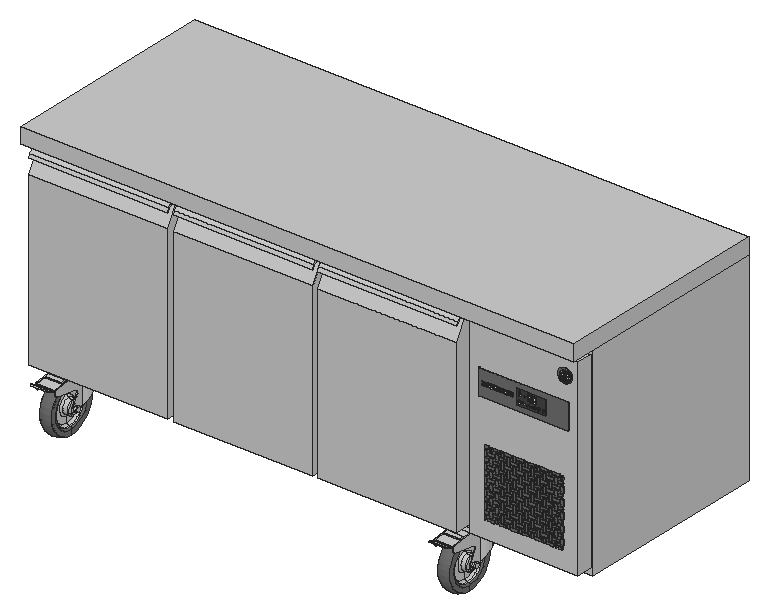
Revit family "QF_HOSHIZAKI_899020861", category Specialty Equipment, Revit 2016 (continued)
Definition of nested family "QF_HOSHIZAKI_899020861_230V_1Ph_50Hz"
  Definition of nested family "Control-panel"
    Forms (mm)
      Extrusion 1, solid
        sketch origin (-3653, 19.5, -135) x (-1, 0, 0) y (0, 0, 1)
          loop
            line (-3805.025, 276.976) -> (-3805.025, 283.976) -> (-3812.025, 283.976) -> (-3812.025, 276.976) -> (-3805.025, 276.976)
          loop
            line (-3786.025, 276.976) -> (-3786.025, 283.976) -> (-3793.025, 283.976) -> (-3793.025, 276.976) -> (-3786.025, 276.976)
          loop
            line (-3767.025, 276.976) -> (-3767.025, 283.976) -> (-3774.025, 283.976) -> (-3774.025, 276.976) -> (-3767.025, 276.976)
          loop
            line (-3748.025, 276.976) -> (-3748.025, 283.976) -> (-3755.025, 283.976) -> (-3755.025, 276.976) -> (-3748.025, 276.976)
          loop
            line (-3729.025, 276.976) -> (-3729.025, 283.976) -> (-3736.025, 283.976) -> (-3736.025, 276.976) -> (-3729.025, 276.976)
          loop
            line (-3710.025, 276.976) -> (-3710.025, 283.976) -> (-3717.025, 283.976) -> (-3717.025, 276.976) -> (-3710.025, 276.976)
          loop
            arc (-3719.5, 279.986) -> (-3723, 283.486) -> (-3726.5, 279.986) r 3.5
            line (-3726.5, 279.986) -> (-3726.5, 261.986)
            arc (-3726.5, 261.986) -> (-3723, 258.486) -> (-3719.5, 261.986) r 3.5
            line (-3719.5, 261.986) -> (-3719.5, 279.986)
          loop
            arc (-3757.5, 279.986) -> (-3761, 283.486) -> (-3764.5, 279.986) r 3.5
            line (-3764.5, 279.986) -> (-3764.5, 261.986)
            arc (-3764.5, 261.986) -> (-3761, 258.486) -> (-3757.5, 261.986) r 3.5
            line (-3757.5, 261.986) -> (-3757.5, 279.986)
          loop
            arc (-3795.5, 279.986) -> (-3799, 283.486) -> (-3802.5, 279.986) r 3.5
            line (-3802.5, 279.986) -> (-3802.5, 261.986)
            arc (-3802.5, 261.986) -> (-3799, 258.486) -> (-3795.5, 261.986) r 3.5
            line (-3795.5, 261.986) -> (-3795.5, 279.986)
          loop
            arc (-3833.5, 279.986) -> (-3837, 283.486) -> (-3840.5, 279.986) r 3.5
            line (-3840.5, 279.986) -> (-3840.5, 261.986)
            arc (-3840.5, 261.986) -> (-3837, 258.486) -> (-3833.5, 261.986) r 3.5
            line (-3833.5, 261.986) -> (-3833.5, 279.986)
          loop
            arc (-3871.5, 279.986) -> (-3875, 283.486) -> (-3878.5, 279.986) r 3.5
            line (-3878.5, 279.986) -> (-3878.5, 261.986)
            arc (-3878.5, 261.986) -> (-3875, 258.486) -> (-3871.5, 261.986) r 3.5
            line (-3871.5, 261.986) -> (-3871.5, 279.986)
          loop
            arc (-3909.5, 279.986) -> (-3913, 283.486) -> (-3916.5, 279.986) r 3.5
            line (-3916.5, 279.986) -> (-3916.5, 261.986)
            arc (-3916.5, 261.986) -> (-3913, 258.486) -> (-3909.5, 261.986) r 3.5
            line (-3909.5, 261.986) -> (-3909.5, 279.986)
          loop
            arc (-3951, 292.986) -> (-3954, 289.986) -> (-3951, 286.986) r 3
            line (-3951, 286.986) -> (-3942, 286.986)
            arc (-3942, 286.986) -> (-3939, 289.986) -> (-3942, 292.986) r 3
            line (-3942, 292.986) -> (-3951, 292.986)
          loop
            arc (-3947.5, 279.986) -> (-3951, 283.486) -> (-3954.5, 279.986) r 3.5
            line (-3954.5, 279.986) -> (-3954.5, 261.986)
            arc (-3954.5, 261.986) -> (-3951, 258.486) -> (-3947.5, 261.986) r 3.5
            line (-3947.5, 261.986) -> (-3947.5, 279.986)
          loop
            arc (-3941, 274.486) -> (-3944.5, 270.986) -> (-3941, 267.486) r 3.5
            line (-3941, 267.486) -> (-3923, 267.486)
            arc (-3923, 267.486) -> (-3919.5, 270.986) -> (-3923, 274.486) r 3.5
            line (-3923, 274.486) -> (-3941, 274.486)
          loop
            arc (-3903, 274.486) -> (-3906.5, 270.986) -> (-3903, 267.486) r 3.5
            line (-3903, 267.486) -> (-3885, 267.486)
            arc (-3885, 267.486) -> (-3881.5, 270.986) -> (-3885, 274.486) r 3.5
            line (-3885, 274.486) -> (-3903, 274.486)
          loop
            arc (-3865, 274.486) -> (-3868.5, 270.986) -> (-3865, 267.486) r 3.5
            line (-3865, 267.486) -> (-3847, 267.486)
            arc (-3847, 267.486) -> (-3843.5, 270.986) -> (-3847, 274.486) r 3.5
            line (-3847, 274.486) -> (-3865, 274.486)
          loop
            arc (-3827, 274.486) -> (-3830.5, 270.986) -> (-3827, 267.486) r 3.5
            line (-3827, 267.486) -> (-3809, 267.486)
            arc (-3809, 267.486) -> (-3805.5, 270.986) -> (-3809, 274.486) r 3.5
            line (-3809, 274.486) -> (-3827, 274.486)
          loop
            arc (-3789, 274.486) -> (-3792.5, 270.986) -> (-3789, 267.486) r 3.5
            line (-3789, 267.486) -> (-3771, 267.486)
            arc (-3771, 267.486) -> (-3767.5, 270.986) -> (-3771, 274.486) r 3.5
            line (-3771, 274.486) -> (-3789, 274.486)
          loop
            arc (-3751, 274.486) -> (-3754.5, 270.986) -> (-3751, 267.486) r 3.5
            line (-3751, 267.486) -> (-3733, 267.486)
            arc (-3733, 267.486) -> (-3729.5, 270.986) -> (-3733, 274.486) r 3.5
            line (-3733, 274.486) -> (-3751, 274.486)
          loop
            arc (-3713, 274.486) -> (-3716.5, 270.986) -> (-3713, 267.486) r 3.5
            line (-3713, 267.486) -> (-3704, 267.486)
            arc (-3704, 267.486) -> (-3700.5, 270.986) -> (-3704, 274.486) r 3.5
            line (-3704, 274.486) -> (-3713, 274.486)
          loop
            line (-3938.025, 264.996) -> (-3945.025, 264.996) -> (-3945.025, 257.996) -> (-3938.025, 257.996) -> (-3938.025, 264.996)
          loop
            line (-3919.025, 264.996) -> (-3926.025, 264.996) -> (-3926.025, 257.996) -> (-3919.025, 257.996) -> (-3919.025, 264.996)
          loop
            line (-3900.025, 264.996) -> (-3907.025, 264.996) -> (-3907.025, 257.996) -> (-3900.025, 257.996) -> (-3900.025, 264.996)
          loop
            line (-3881.025, 264.996) -> (-3888.025, 264.996) -> (-3888.025, 257.996) -> (-3881.025, 257.996) -> (-3881.025, 264.996)
          loop
            line (-3862.025, 264.996) -> (-3869.025, 264.996) -> (-3869.025, 257.996) -> (-3862.025, 257.996) -> (-3862.025, 264.996)
          loop
            line (-3843.025, 264.996) -> (-3850.025, 264.996) -> (-3850.025, 257.996) -> (-3843.025, 257.996) -> (-3843.025, 264.996)
          loop
            line (-3824.025, 264.996) -> (-3831.025, 264.996) -> (-3831.025, 257.996) -> (-3824.025, 257.996) -> (-3824.025, 264.996)
          loop
            line (-3805.025, 264.996) -> (-3812.025, 264.996) -> (-3812.025, 257.996) -> (-3805.025, 257.996) -> (-3805.025, 264.996)
          loop
            line (-3786.025, 264.996) -> (-3793.025, 264.996) -> (-3793.025, 257.996) -> (-3786.025, 257.996) -> (-3786.025, 264.996)
          loop
            line (-3767.025, 264.996) -> (-3774.025, 264.996) -> (-3774.025, 257.996) -> (-3767.025, 257.996) -> (-3767.025, 264.996)
          loop
            line (-3748.025, 264.996) -> (-3755.025, 264.996) -> (-3755.025, 257.996) -> (-3748.025, 257.996) -> (-3748.025, 264.996)
          loop
            line (-3729.025, 264.996) -> (-3736.025, 264.996) -> (-3736.025, 257.996) -> (-3729.025, 257.996) -> (-3729.025, 264.996)
          loop
            line (-3710.025, 264.996) -> (-3717.025, 264.996) -> (-3717.025, 257.996) -> (-3710.025, 257.996) -> (-3710.025, 264.996)
          loop
            line (-3935.5, 260.986) -> (-3935.5, 242.986)
            arc (-3935.5, 242.986) -> (-3932, 239.486) -> (-3928.5, 242.986) r 3.5
            line (-3928.5, 242.986) -> (-3928.5, 260.986)
            arc (-3928.5, 260.986) -> (-3932, 264.486) -> (-3935.5, 260.986) r 3.5
          loop
            line (-3897.5, 260.986) -> (-3897.5, 242.986)
            arc (-3897.5, 242.986) -> (-3894, 239.486) -> (-3890.5, 242.986) r 3.5
            line (-3890.5, 242.986) -> (-3890.5, 260.986)
            arc (-3890.5, 260.986) -> (-3894, 264.486) -> (-3897.5, 260.986) r 3.5
          loop
            line (-3859.5, 260.986) -> (-3859.5, 242.986)
            arc (-3859.5, 242.986) -> (-3856, 239.486) -> (-3852.5, 242.986) r 3.5
            line (-3852.5, 242.986) -> (-3852.5, 260.986)
            arc (-3852.5, 260.986) -> (-3856, 264.486) -> (-3859.5, 260.986) r 3.5
          loop
            line (-3821.5, 260.986) -> (-3821.5, 242.986)
            arc (-3821.5, 242.986) -> (-3818, 239.486) -> (-3814.5, 242.986) r 3.5
            line (-3814.5, 242.986) -> (-3814.5, 260.986)
            arc (-3814.5, 260.986) -> (-3818, 264.486) -> (-3821.5, 260.986) r 3.5
          loop
            line (-3783.5, 260.986) -> (-3783.5, 242.986)
            arc (-3783.5, 242.986) -> (-3780, 239.486) -> (-3776.5, 242.986) r 3.5
            line (-3776.5, 242.986) -> (-3776.5, 260.986)
            arc (-3776.5, 260.986) -> (-3780, 264.486) -> (-3783.5, 260.986) r 3.5
          loop
            line (-3745.5, 260.986) -> (-3745.5, 242.986)
            arc (-3745.5, 242.986) -> (-3742, 239.486) -> (-3738.5, 242.986) r 3.5
            line (-3738.5, 242.986) -> (-3738.5, 260.986)
            arc (-3738.5, 260.986) -> (-3742, 264.486) -> (-3745.5, 260.986) r 3.5
          loop
            line (-3707.5, 260.986) -> (-3707.5, 242.986)
            arc (-3707.5, 242.986) -> (-3704, 239.486) -> (-3700.5, 242.986) r 3.5
            line (-3700.5, 242.986) -> (-3700.5, 260.986)
            arc (-3700.5, 260.986) -> (-3704, 264.486) -> (-3707.5, 260.986) r 3.5
          loop
            arc (-3922, 255.486) -> (-3925.5, 251.986) -> (-3922, 248.486) r 3.5
            line (-3922, 248.486) -> (-3904, 248.486)
            arc (-3904, 248.486) -> (-3900.5, 251.986) -> (-3904, 255.486) r 3.5
            line (-3904, 255.486) -> (-3922, 255.486)
          loop
            arc (-3884, 255.486) -> (-3887.5, 251.986) -> (-3884, 248.486) r 3.5
            line (-3884, 248.486) -> (-3866, 248.486)
            arc (-3866, 248.486) -> (-3862.5, 251.986) -> (-3866, 255.486) r 3.5
            line (-3866, 255.486) -> (-3884, 255.486)
          loop
            arc (-3846, 255.486) -> (-3849.5, 251.986) -> (-3846, 248.486) r 3.5
            line (-3846, 248.486) -> (-3828, 248.486)
            arc (-3828, 248.486) -> (-3824.5, 251.986) -> (-3828, 255.486) r 3.5
            line (-3828, 255.486) -> (-3846, 255.486)
          loop
            arc (-3808, 255.486) -> (-3811.5, 251.986) -> (-3808, 248.486) r 3.5
            line (-3808, 248.486) -> (-3790, 248.486)
            arc (-3790, 248.486) -> (-3786.5, 251.986) -> (-3790, 255.486) r 3.5
            line (-3790, 255.486) -> (-3808, 255.486)
          loop
            arc (-3770, 255.486) -> (-3773.5, 251.986) -> (-3770, 248.486) r 3.5
            line (-3770, 248.486) -> (-3752, 248.486)
            arc (-3752, 248.486) -> (-3748.5, 251.986) -> (-3752, 255.486) r 3.5
            line (-3752, 255.486) -> (-3770, 255.486)
          loop
            arc (-3732, 255.486) -> (-3735.5, 251.986) -> (-3732, 248.486) r 3.5
            line (-3732, 248.486) -> (-3714, 248.486)
            arc (-3714, 248.486) -> (-3710.5, 251.986) -> (-3714, 255.486) r 3.5
            line (-3714, 255.486) -> (-3732, 255.486)
          loop
            line (-3938.025, 238.976) -> (-3938.025, 245.976) -> (-3945.025, 245.976) -> (-3945.025, 238.976) -> (-3938.025, 238.976)
          loop
            line (-3919.025, 238.976) -> (-3919.025, 245.976) -> (-3926.025, 245.976) -> (-3926.025, 238.976) -> (-3919.025, 238.976)
          loop
            line (-3900.025, 238.976) -> (-3900.025, 245.976) -> (-3907.025, 245.976) -> (-3907.025, 238.976) -> (-3900.025, 238.976)
          loop
            line (-3881.025, 238.976) -> (-3881.025, 245.976) -> (-3888.025, 245.976) -> (-3888.025, 238.976) -> (-3881.025, 238.976)
          loop
            line (-3862.025, 238.976) -> (-3862.025, 245.976) -> (-3869.025, 245.976) -> (-3869.025, 238.976) -> (-3862.025, 238.976)
          loop
            line (-3843.025, 238.976) -> (-3843.025, 245.976) -> (-3850.025, 245.976) -> (-3850.025, 238.976) -> (-3843.025, 238.976)
          loop
            line (-3824.025, 238.976) -> (-3824.025, 245.976) -> (-3831.025, 245.976) -> (-3831.025, 238.976) -> (-3824.025, 238.976)
          loop
            line (-3805.025, 238.976) -> (-3805.025, 245.976) -> (-3812.025, 245.976) -> (-3812.025, 238.976) -> (-3805.025, 238.976)
          loop
            line (-3786.025, 238.976) -> (-3786.025, 245.976) -> (-3793.025, 245.976) -> (-3793.025, 238.976) -> (-3786.025, 238.976)
          loop
            line (-3767.025, 238.976) -> (-3767.025, 245.976) -> (-3774.025, 245.976) -> (-3774.025, 238.976) -> (-3767.025, 238.976)
          loop
            line (-3748.025, 238.976) -> (-3748.025, 245.976) -> (-3755.025, 245.976) -> (-3755.025, 238.976) -> (-3748.025, 238.976)
          loop
            line (-3729.025, 238.976) -> (-3729.025, 245.976) -> (-3736.025, 245.976) -> (-3736.025, 238.976) -> (-3729.025, 238.976)
          loop
            line (-3710.025, 238.976) -> (-3710.025, 245.976) -> (-3717.025, 245.976) -> (-3717.025, 238.976) -> (-3710.025, 238.976)
          loop
            arc (-3719.5, 241.986) -> (-3723, 245.486) -> (-3726.5, 241.986) r 3.5
            line (-3726.5, 241.986) -> (-3726.5, 223.986)
            arc (-3726.5, 223.986) -> (-3723, 220.486) -> (-3719.5, 223.986) r 3.5
            line (-3719.5, 223.986) -> (-3719.5, 241.986)
          loop
            arc (-3757.5, 241.986) -> (-3761, 245.486) -> (-3764.5, 241.986) r 3.5
            line (-3764.5, 241.986) -> (-3764.5, 223.986)
            arc (-3764.5, 223.986) -> (-3761, 220.486) -> (-3757.5, 223.986) r 3.5
            line (-3757.5, 223.986) -> (-3757.5, 241.986)
          loop
            arc (-3795.5, 241.986) -> (-3799, 245.486) -> (-3802.5, 241.986) r 3.5
            line (-3802.5, 241.986) -> (-3802.5, 223.986)
            arc (-3802.5, 223.986) -> (-3799, 220.486) -> (-3795.5, 223.986) r 3.5
            line (-3795.5, 223.986) -> (-3795.5, 241.986)
          loop
            arc (-3833.5, 241.986) -> (-3837, 245.486) -> (-3840.5, 241.986) r 3.5
            line (-3840.5, 241.986) -> (-3840.5, 223.986)
            arc (-3840.5, 223.986) -> (-3837, 220.486) -> (-3833.5, 223.986) r 3.5
            line (-3833.5, 223.986) -> (-3833.5, 241.986)
          loop
            arc (-3871.5, 241.986) -> (-3875, 245.486) -> (-3878.5, 241.986) r 3.5
            line (-3878.5, 241.986) -> (-3878.5, 223.986)
            arc (-3878.5, 223.986) -> (-3875, 220.486) -> (-3871.5, 223.986) r 3.5
            line (-3871.5, 223.986) -> (-3871.5, 241.986)
          loop
            arc (-3909.5, 241.986) -> (-3913, 245.486) -> (-3916.5, 241.986) r 3.5
            line (-3916.5, 241.986) -> (-3916.5, 223.986)
            arc (-3916.5, 223.986) -> (-3913, 220.486) -> (-3909.5, 223.986) r 3.5
            line (-3909.5, 223.986) -> (-3909.5, 241.986)
          loop
            arc (-3951, 254.986) -> (-3954, 251.986) -> (-3951, 248.986) r 3
            line (-3951, 248.986) -> (-3942, 248.986)
            arc (-3942, 248.986) -> (-3939, 251.986) -> (-3942, 254.986) r 3
            line (-3942, 254.986) -> (-3951, 254.986)
          loop
            arc (-3947.5, 241.986) -> (-3951, 245.486) -> (-3954.5, 241.986) r 3.5
            line (-3954.5, 241.986) -> (-3954.5, 223.986)
            arc (-3954.5, 223.986) -> (-3951, 220.486) -> (-3947.5, 223.986) r 3.5
            line (-3947.5, 223.986) -> (-3947.5, 241.986)
          loop
            arc (-3941, 236.486) -> (-3944.5, 232.986) -> (-3941, 229.486) r 3.5
            line (-3941, 229.486) -> (-3923, 229.486)
            arc (-3923, 229.486) -> (-3919.5, 232.986) -> (-3923, 236.486) r 3.5
            line (-3923, 236.486) -> (-3941, 236.486)
          loop
            arc (-3903, 236.486) -> (-3906.5, 232.986) -> (-3903, 229.486) r 3.5
            line (-3903, 229.486) -> (-3885, 229.486)
            arc (-3885, 229.486) -> (-3881.5, 232.986) -> (-3885, 236.486) r 3.5
            line (-3885, 236.486) -> (-3903, 236.486)
          loop
            arc (-3865, 236.486) -> (-3868.5, 232.986) -> (-3865, 229.486) r 3.5
            line (-3865, 229.486) -> (-3847, 229.486)
            arc (-3847, 229.486) -> (-3843.5, 232.986) -> (-3847, 236.486) r 3.5
            line (-3847, 236.486) -> (-3865, 236.486)
          loop
            arc (-3827, 236.486) -> (-3830.5, 232.986) -> (-3827, 229.486) r 3.5
            line (-3827, 229.486) -> (-3809, 229.486)
            arc (-3809, 229.486) -> (-3805.5, 232.986) -> (-3809, 236.486) r 3.5
            line (-3809, 236.486) -> (-3827, 236.486)
          loop
            arc (-3789, 236.486) -> (-3792.5, 232.986) -> (-3789, 229.486) r 3.5
            line (-3789, 229.486) -> (-3771, 229.486)
            arc (-3771, 229.486) -> (-3767.5, 232.986) -> (-3771, 236.486) r 3.5
            line (-3771, 236.486) -> (-3789, 236.486)
          loop
            arc (-3751, 236.486) -> (-3754.5, 232.986) -> (-3751, 229.486) r 3.5
            line (-3751, 229.486) -> (-3733, 229.486)
            arc (-3733, 229.486) -> (-3729.5, 232.986) -> (-3733, 236.486) r 3.5
            line (-3733, 236.486) -> (-3751, 236.486)
          loop
            arc (-3713, 236.486) -> (-3716.5, 232.986) -> (-3713, 229.486) r 3.5
            line (-3713, 229.486) -> (-3704, 229.486)
            arc (-3704, 229.486) -> (-3700.5, 232.986) -> (-3704, 236.486) r 3.5
            line (-3704, 236.486) -> (-3713, 236.486)
          loop
            line (-3938.025, 226.996) -> (-3945.025, 226.996) -> (-3945.025, 219.996) -> (-3938.025, 219.996) -> (-3938.025, 226.996)
          loop
            line (-3919.025, 226.996) -> (-3926.025, 226.996) -> (-3926.025, 219.996) -> (-3919.025, 219.996) -> (-3919.025, 226.996)
          loop
            line (-3900.025, 226.996) -> (-3907.025, 226.996) -> (-3907.025, 219.996) -> (-3900.025, 219.996) -> (-3900.025, 226.996)
          loop
            line (-3881.025, 226.996) -> (-3888.025, 226.996) -> (-3888.025, 219.996) -> (-3881.025, 219.996) -> (-3881.025, 226.996)
          loop
            line (-3862.025, 226.996) -> (-3869.025, 226.996) -> (-3869.025, 219.996) -> (-3862.025, 219.996) -> (-3862.025, 226.996)
          loop
            line (-3843.025, 226.996) -> (-3850.025, 226.996) -> (-3850.025, 219.996) -> (-3843.025, 219.996) -> (-3843.025, 226.996)
          loop
            line (-3824.025, 226.996) -> (-3831.025, 226.996) -> (-3831.025, 219.996) -> (-3824.025, 219.996) -> (-3824.025, 226.996)
          loop
            line (-3805.025, 226.996) -> (-3812.025, 226.996) -> (-3812.025, 219.996) -> (-3805.025, 219.996) -> (-3805.025, 226.996)
          loop
            line (-3786.025, 226.996) -> (-3793.025, 226.996) -> (-3793.025, 219.996) -> (-3786.025, 219.996) -> (-3786.025, 226.996)
          loop
            line (-3767.025, 226.996) -> (-3774.025, 226.996) -> (-3774.025, 219.996) -> (-3767.025, 219.996) -> (-3767.025, 226.996)
          loop
            line (-3748.025, 226.996) -> (-3755.025, 226.996) -> (-3755.025, 219.996) -> (-3748.025, 219.996) -> (-3748.025, 226.996)
          loop
            line (-3729.025, 226.996) -> (-3736.025, 226.996) -> (-3736.025, 219.996) -> (-3729.025, 219.996) -> (-3729.025, 226.996)
          loop
            line (-3710.025, 226.996) -> (-3717.025, 226.996) -> (-3717.025, 219.996) -> (-3710.025, 219.996) -> (-3710.025, 226.996)
          loop
            arc (-3922, 217.486) -> (-3925.5, 213.986) -> (-3922, 210.486) r 3.5
            line (-3922, 210.486) -> (-3904, 210.486)
            arc (-3904, 210.486) -> (-3900.5, 213.986) -> (-3904, 217.486) r 3.5
            line (-3904, 217.486) -> (-3922, 217.486)
          loop
            arc (-3884, 217.486) -> (-3887.5, 213.986) -> (-3884, 210.486) r 3.5
            line (-3884, 210.486) -> (-3866, 210.486)
            arc (-3866, 210.486) -> (-3862.5, 213.986) -> (-3866, 217.486) r 3.5
            line (-3866, 217.486) -> (-3884, 217.486)
          loop
            arc (-3846, 217.486) -> (-3849.5, 213.986) -> (-3846, 210.486) r 3.5
            line (-3846, 210.486) -> (-3828, 210.486)
            arc (-3828, 210.486) -> (-3824.5, 213.986) -> (-3828, 217.486) r 3.5
            line (-3828, 217.486) -> (-3846, 217.486)
          loop
            arc (-3808, 217.486) -> (-3811.5, 213.986) -> (-3808, 210.486) r 3.5
            line (-3808, 210.486) -> (-3790, 210.486)
            arc (-3790, 210.486) -> (-3786.5, 213.986) -> (-3790, 217.486) r 3.5
            line (-3790, 217.486) -> (-3808, 217.486)
          loop
            arc (-3770, 217.486) -> (-3773.5, 213.986) -> (-3770, 210.486) r 3.5
            line (-3770, 210.486) -> (-3752, 210.486)
            arc (-3752, 210.486) -> (-3748.5, 213.986) -> (-3752, 217.486) r 3.5
            line (-3752, 217.486) -> (-3770, 217.486)
          loop
            arc (-3732, 217.486) -> (-3735.5, 213.986) -> (-3732, 210.486) r 3.5
            line (-3732, 210.486) -> (-3714, 210.486)
            arc (-3714, 210.486) -> (-3710.5, 213.986) -> (-3714, 217.486) r 3.5
            line (-3714, 217.486) -> (-3732, 217.486)
          loop
            arc (-3951, 216.986) -> (-3954, 213.986) -> (-3951, 210.986) r 3
            line (-3951, 210.986) -> (-3942, 210.986)
            arc (-3942, 210.986) -> (-3939, 213.986) -> (-3942, 216.986) r 3
            line (-3942, 216.986) -> (-3951, 216.986)
          loop
            arc (-3701, 223.486) -> (-3704, 226.486) -> (-3707, 223.486) r 3
            line (-3707, 223.486) -> (-3707, 214.486)
            arc (-3707, 214.486) -> (-3704, 211.486) -> (-3701, 214.486) r 3
            line (-3701, 214.486) -> (-3701, 223.486)
          loop
            arc (-3739, 223.486) -> (-3742, 226.486) -> (-3745, 223.486) r 3
            line (-3745, 223.486) -> (-3745, 214.486)
            arc (-3745, 214.486) -> (-3742, 211.486) -> (-3739, 214.486) r 3
            line (-3739, 214.486) -> (-3739, 223.486)
          loop
            arc (-3777, 223.486) -> (-3780, 226.486) -> (-3783, 223.486) r 3
            line (-3783, 223.486) -> (-3783, 214.486)
            arc (-3783, 214.486) -> (-3780, 211.486) -> (-3777, 214.486) r 3
            line (-3777, 214.486) -> (-3777, 223.486)
          loop
            arc (-3815, 223.486) -> (-3818, 226.486) -> (-3821, 223.486) r 3
            line (-3821, 223.486) -> (-3821, 214.486)
            arc (-3821, 214.486) -> (-3818, 211.486) -> (-3815, 214.486) r 3
            line (-3815, 214.486) -> (-3815, 223.486)
          loop
            arc (-3853, 223.486) -> (-3856, 226.486) -> (-3859, 223.486) r 3
            line (-3859, 223.486) -> (-3859, 214.486)
            arc (-3859, 214.486) -> (-3856, 211.486) -> (-3853, 214.486) r 3
            line (-3853, 214.486) -> (-3853, 223.486)
          loop
            arc (-3891, 223.486) -> (-3894, 226.486) -> (-3897, 223.486) r 3
            line (-3897, 223.486) -> (-3897, 214.486)
            arc (-3897, 214.486) -> (-3894, 211.486) -> (-3891, 214.486) r 3
            line (-3891, 214.486) -> (-3891, 223.486)
          loop
            arc (-3929, 223.486) -> (-3932, 226.486) -> (-3935, 223.486) r 3
            line (-3935, 223.486) -> (-3935, 214.486)
            arc (-3935, 214.486) -> (-3932, 211.486) -> (-3929, 214.486) r 3
            line (-3929, 214.486) -> (-3929, 223.486)
        from 5.5 to 7.5
      Extrusion 2, solid
        sketch origin (-1812, 19.5, -302.5) x (-1, 0, 0) y (0, 0, 1)
          loop
            line (-2131, 808) -> (-2131, 731)
            arc (-2131, 731) -> (-2130.121, 728.879) -> (-2128, 728) r 3
            line (-2128, 728) -> (-1845, 728)
            arc (-1845, 728) -> (-1842.879, 728.879) -> (-1842, 731) r 3
            line (-1842, 731) -> (-1842, 808)
            arc (-1842, 808) -> (-1842.879, 810.121) -> (-1845, 811) r 3
            line (-1845, 811) -> (-2128, 811)
            arc (-2128, 811) -> (-2130.121, 810.121) -> (-2131, 808) r 3
        from 5.5 to 7.5
      Extrusion 3, solid
        sketch origin (-1721.829, 19.5, -302.5) x (-1, 0, 0) y (0, 0, 1)
          loop
            line (-1873, 793) -> (-1968.159, 793) -> (-1968.159, 746) -> (-1873, 746) -> (-1873, 793)
        from 5 to 7.5
      Extrusion 4, solid, visible <- "Show Logo"
        sketch origin (-1807, 19.5, -188.5) x (-1, 0, 0) y (0, 0, 1)
          loop
            circle (-2113.5, 769.5) r 13.99
        from 4.5 to 6
      Extrusion 5, solid, visible <- "Show Logo"
        sketch origin (-1807, 19.5, -188.5) x (-1, 0, 0) y (0, 0, 1)
          loop
            circle (-2113.5, 769.5) r 15
          loop
            line (-2126.5, 769.5) -> (-2120.846, 773.459) -> (-2118.907, 773.459) -> (-2118.036, 763.497) -> (-2119.632, 763.497) -> (-2117.808, 760.891) -> (-2122.091, 759.743)
            arc (-2122.091, 759.743) -> (-2112.99, 756.51) -> (-2104.171, 760.446) r 13
            line (-2104.171, 760.446) -> (-2111.913, 760.446) -> (-2113.024, 758.523) -> (-2117.6, 758.523) -> (-2113.951, 764.843) -> (-2112.168, 762.297) -> (-2110.969, 763.497) -> (-2112.161, 767.945) -> (-2112.983, 771.014) -> (-2114.045, 774.979) -> (-2115.629, 777.241) -> (-2111.344, 777.241) -> (-2110.01, 772.26) -> (-2108.361, 772.26) -> (-2107.029, 770.928) -> (-2104.038, 769.201) -> (-2103.03, 765.437) -> (-2100.604, 767.863)
            arc (-2100.604, 767.863) -> (-2112.68, 782.474) -> (-2126.5, 769.5) r 13
          loop
            arc (-2125.531, 764.467) -> (-2124.506, 762.602) -> (-2123.241, 760.891) r 15.828
            line (-2123.241, 760.891) -> (-2121.071, 768.926) -> (-2125.531, 764.467)
          loop
            line (-2109.801, 769.877) -> (-2109.801, 764.664) -> (-2108.483, 768.285) -> (-2106.744, 769.399) -> (-2109.801, 769.877)
          loop
            line (-2108.558, 762.979) -> (-2105.47, 762.035) -> (-2104.504, 761.224) -> (-2103.812, 761.916) -> (-2105.089, 763.908) -> (-2108.558, 762.979)
          loop
            line (-2110.775, 779.307) -> (-2108.457, 780.388) -> (-2110.775, 781.009) -> (-2110.775, 779.307)
          loop
            line (-2113.024, 781.662) -> (-2115.087, 781.11) -> (-2114.199, 779.205) -> (-2112.584, 779.638) -> (-2113.79, 780.335) -> (-2113.024, 781.662)
          loop
            line (-2113.762, 753.783) -> (-2114.844, 752.701) -> (-2116.385, 752.701) -> (-2115.329, 751.645) -> (-2115.642, 749.874) -> (-2113.762, 750.959) -> (-2111.881, 749.874) -> (-2112.194, 751.645) -> (-2111.138, 752.701) -> (-2112.679, 752.701) -> (-2113.762, 753.783)
          loop
            line (-2126.524, 760.7) -> (-2128.032, 760.965) -> (-2128.916, 762.228) -> (-2129.176, 760.757) -> (-2130.805, 759.997) -> (-2128.838, 759.08) -> (-2128.648, 756.917) -> (-2127.377, 758.188) -> (-2125.906, 757.929) -> (-2126.79, 759.191) -> (-2126.524, 760.7)
          loop
            line (-2120.989, 755.68) -> (-2122.45, 755.219) -> (-2123.816, 755.931) -> (-2123.367, 754.507) -> (-2124.462, 753.08) -> (-2122.293, 753.175) -> (-2121.127, 751.344) -> (-2120.586, 753.059) -> (-2119.162, 753.508) -> (-2120.529, 754.219) -> (-2120.989, 755.68)
          loop
            line (-2100.476, 760.7) -> (-2100.21, 759.191) -> (-2101.094, 757.929) -> (-2099.623, 758.188) -> (-2098.352, 756.917) -> (-2098.162, 759.08) -> (-2096.195, 759.997) -> (-2097.824, 760.757) -> (-2098.084, 762.228) -> (-2098.968, 760.965) -> (-2100.476, 760.7)
          loop
            line (-2106.011, 755.68) -> (-2106.471, 754.219) -> (-2107.838, 753.508) -> (-2106.414, 753.059) -> (-2105.873, 751.344) -> (-2104.707, 753.175) -> (-2102.538, 753.08) -> (-2103.633, 754.507) -> (-2103.184, 755.931) -> (-2104.55, 755.219) -> (-2106.011, 755.68)
        from 4 to 6
      Extrusion 6, solid, visible <- "Show Logo"
        sketch origin (-1807, 19.5, -188.5) x (-1, 0, 0) y (0, 0, 1)
          loop
            line (-2110.775, 781.009) -> (-2112.201, 782.435)
            arc (-2112.201, 782.435) -> (-2113.187, 782.496) -> (-2114.172, 782.435) r 8.046
            arc (-2114.172, 782.435) -> (-2116.517, 781.025) -> (-2117.04, 778.339) r 3.366
            line (-2117.04, 778.339) -> (-2118.907, 773.459) -> (-2117.808, 760.891) -> (-2119.436, 758.565) -> (-2117.576, 758.565) -> (-2113.951, 764.843) -> (-2112.168, 762.297) -> (-2110.969, 763.497) -> (-2114.045, 774.979) -> (-2115.629, 777.241) -> (-2111.299, 777.241) -> (-2110.775, 779.307) -> (-2110.775, 781.009)
          loop
            line (-2116.531, 758.523) -> (-2117.14, 757.468) -> (-2111.822, 757.468) -> (-2112.761, 758.407) -> (-2109.605, 758.407) -> (-2110.682, 759.485) -> (-2112.469, 759.485) -> (-2113.024, 758.523) -> (-2116.531, 758.523)
          loop
            line (-2113.024, 781.662) -> (-2115.087, 781.11) -> (-2114.199, 779.205) -> (-2112.584, 779.638) -> (-2113.79, 780.335) -> (-2113.024, 781.662)
        from 4 to 6
      Extrusion 7, solid, visible <- "Show Logo"
        sketch origin (-1807, 19.5, -188.5) x (-1, 0, 0) y (0, 0, 1)
          loop
            circle (-2113.5, 769.5) r 22.5
        from 5 to 7.5
      Extrusion 8, solid
        sketch origin (-1721.829, 19.5, -302.5) x (-1, 0, 0) y (0, 0, 1)
          loop
            line (-1897.356, 754.233) -> (-1901.676, 760.18) -> (-1902.485, 759.592) -> (-1897.356, 752.532) -> (-1892.226, 759.592) -> (-1893.035, 760.18) -> (-1897.356, 754.233)
          loop
            line (-1895.298, 779.667) -> (-1903.298, 779.667) -> (-1899.298, 774.161) -> (-1895.298, 779.667)
          loop
            arc (-1884, 780.828) -> (-1883, 775) -> (-1882, 780.828) r 3
            line (-1882, 780.828) -> (-1882, 789)
            arc (-1882, 789) -> (-1883, 790) -> (-1884, 789) r 1
            line (-1884, 789) -> (-1884, 780.828)
          loop
            line (-1936.977, 758.753) -> (-1936.977, 757.753) -> (-1935.558, 757.753) -> (-1935.558, 753.753) -> (-1934.558, 753.753) -> (-1934.558, 757.753) -> (-1933.139, 757.753) -> (-1933.139, 758.753) -> (-1936.977, 758.753)
          loop
            line (-1932.115, 758.753) -> (-1932.115, 757.753) -> (-1929.56, 757.753) -> (-1929.56, 756.753) -> (-1932.115, 756.753) -> (-1932.115, 755.753) -> (-1929.56, 755.753) -> (-1929.56, 754.846) -> (-1932.115, 754.846) -> (-1932.115, 753.959) -> (-1928.597, 753.959) -> (-1928.597, 758.753) -> (-1932.115, 758.753)
          loop
            arc (-1924.65, 754.079) -> (-1924.044, 754.636) -> (-1923.817, 755.427) r 1.523
            line (-1923.817, 755.427) -> (-1924.894, 755.427)
            arc (-1924.894, 755.427) -> (-1925.223, 754.677) -> (-1926.036, 754.57) r 0.834
            arc (-1926.036, 754.57) -> (-1926.426, 755.149) -> (-1926.036, 755.728) r 0.624
            line (-1926.036, 755.728) -> (-1924.4, 756.389)
            arc (-1924.4, 756.389) -> (-1923.819, 757.429) -> (-1924.4, 758.468) r 1.22
            arc (-1924.4, 758.468) -> (-1925.609, 758.837) -> (-1926.845, 758.566) r 2.5
            arc (-1926.845, 758.566) -> (-1927.43, 758.007) -> (-1927.61, 757.218) r 1.408
            line (-1927.61, 757.218) -> (-1926.501, 757.218)
            arc (-1926.501, 757.218) -> (-1926.119, 757.761) -> (-1925.46, 757.843) r 0.819
            arc (-1925.46, 757.843) -> (-1925.082, 757.298) -> (-1925.527, 756.805) r 0.534
            arc (-1925.527, 756.805) -> (-1926.174, 756.645) -> (-1926.79, 756.389) r 4.401
            arc (-1926.79, 756.389) -> (-1927.499, 755.234) -> (-1926.79, 754.079) r 1.296
            arc (-1926.79, 754.079) -> (-1925.72, 753.823) -> (-1924.65, 754.079) r 2.364
          loop
            line (-1958.87, 752.532) -> (-1958.87, 755.934)
            arc (-1958.87, 755.934) -> (-1958.222, 756.503) -> (-1957.723, 757.207) r 3.697
            arc (-1957.723, 757.207) -> (-1957.553, 757.851) -> (-1957.699, 758.502) r 1.401
            arc (-1957.699, 758.502) -> (-1958.144, 759.265) -> (-1958.709, 759.944) r 5.307
            arc (-1958.709, 759.944) -> (-1959.239, 760.424) -> (-1959.82, 760.841) r 6.284
            arc (-1959.82, 760.841) -> (-1960.356, 760.997) -> (-1960.892, 760.841) r 1
            arc (-1960.892, 760.841) -> (-1961.473, 760.424) -> (-1962.003, 759.944) r 6.284
            arc (-1962.003, 759.944) -> (-1962.568, 759.265) -> (-1963.013, 758.502) r 5.307
            arc (-1963.013, 758.502) -> (-1963.159, 757.851) -> (-1962.988, 757.207) r 1.401
            arc (-1962.988, 757.207) -> (-1962.49, 756.503) -> (-1961.842, 755.934) r 3.697
            line (-1961.842, 755.934) -> (-1961.842, 752.532) -> (-1958.87, 752.532)
          loop
            line (-1882.858, 757.309) -> (-1881.853, 757.309) -> (-1881.853, 762) -> (-1882.858, 762) -> (-1882.858, 757.309)
          loop
            line (-1881.418, 759.222) -> (-1881.418, 760.609)
            arc (-1881.418, 760.609) -> (-1882.356, 752) -> (-1883.294, 760.609) r 4.356
            line (-1883.294, 760.609) -> (-1883.294, 759.222)
            arc (-1883.294, 759.222) -> (-1882.356, 753.34) -> (-1881.418, 759.222) r 3.016
          loop
            line (-1942.482, 755.817) -> (-1943.482, 755.817) -> (-1943.482, 752.817) -> (-1942.482, 752.817) -> (-1942.482, 755.817)
          loop
            line (-1944.856, 754.447) -> (-1945.856, 754.447) -> (-1945.856, 751.447) -> (-1944.856, 751.447) -> (-1944.856, 754.447)
          loop
            line (-1948.23, 755.817) -> (-1948.23, 752.817) -> (-1947.23, 752.817) -> (-1947.23, 755.817) -> (-1948.23, 755.817)
          loop
            line (-1945.356, 755.607) -> (-1942.858, 757.356) -> (-1943.431, 758.175) -> (-1945.356, 756.827) -> (-1947.28, 758.175) -> (-1947.854, 757.356) -> (-1945.356, 755.607)
          loop
            line (-1945.356, 758.296) -> (-1943.128, 760.523) -> (-1943.835, 761.23) -> (-1945.356, 759.71) -> (-1946.876, 761.23) -> (-1947.583, 760.523) -> (-1945.356, 758.296)
          loop
            line (-1912.356, 758.479) -> (-1908.035, 752.532) -> (-1907.226, 753.12) -> (-1912.356, 760.18) -> (-1917.485, 753.12) -> (-1916.676, 752.532) -> (-1912.356, 758.479)
          loop
            line (-1919.965, 768) -> (-1908.298, 768) -> (-1908.298, 779.667) -> (-1916.632, 779.667) -> (-1916.632, 784.667) -> (-1908.298, 784.667) -> (-1908.298, 788) -> (-1919.965, 788) -> (-1919.965, 776.333) -> (-1911.632, 776.333) -> (-1911.632, 771.333) -> (-1919.965, 771.333) -> (-1919.965, 768)
          loop
            line (-1934.965, 768) -> (-1923.298, 768) -> (-1923.298, 779.667) -> (-1931.632, 779.667) -> (-1931.632, 784.667) -> (-1923.298, 784.667) -> (-1923.298, 788) -> (-1934.965, 788) -> (-1934.965, 776.333) -> (-1926.632, 776.333) -> (-1926.632, 771.333) -> (-1934.965, 771.333) -> (-1934.965, 768)
        from 5 to 7.5
      Extrusion 9, solid, visible <- "Show Logo"
        sketch origin (5.605, 25.5, -94.508) x (-1, 0, 0) y (0, 0, 1)
          loop
            line (-34.966, 567.015) -> (-40.766, 567.015) -> (-40.766, 565.73) -> (-38.944, 564.902) -> (-38.944, 562.682) -> (-43.554, 562.682) -> (-43.554, 564.902) -> (-41.731, 565.73) -> (-41.731, 567.015) -> (-47.532, 567.015) -> (-47.532, 565.73) -> (-46.098, 564.902) -> (-46.098, 558.114) -> (-47.532, 557.286) -> (-47.532, 556) -> (-41.731, 556) -> (-41.731, 557.286) -> (-43.554, 558.114) -> (-43.554, 560.673) -> (-38.944, 560.673) -> (-38.944, 558.114) -> (-40.766, 557.286) -> (-40.766, 556) -> (-34.966, 556) -> (-34.966, 557.286) -> (-36.4, 558.114) -> (-36.4, 564.902) -> (-34.966, 565.73) -> (-34.966, 567.015)
          loop
            spline (-53.399, 556.042) -> (-51.878, 556.229) -> (-50.461, 556.777) -> (-49.244, 557.649) -> (-48.31, 558.785) -> (-47.723, 560.108) -> (-47.523, 561.528) -> (-47.723, 562.949) -> (-48.31, 564.272) -> (-49.244, 565.408) -> (-50.461, 566.28) -> (-51.878, 566.828) -> (-53.399, 567.015)
            spline (-53.399, 567.015) -> (-54.92, 566.828) -> (-56.337, 566.28) -> (-57.554, 565.408) -> (-58.488, 564.272) -> (-59.075, 562.949) -> (-59.276, 561.528) -> (-59.075, 560.108) -> (-58.488, 558.785) -> (-57.554, 557.649) -> (-56.337, 556.777) -> (-54.92, 556.229) -> (-53.399, 556.042)
          loop
            spline (-53.299, 557.388) -> (-52.547, 557.529) -> (-51.847, 557.943) -> (-51.245, 558.601) -> (-50.784, 559.458) -> (-50.493, 560.457) -> (-50.394, 561.528) -> (-50.493, 562.6) -> (-50.784, 563.598) -> (-51.245, 564.456) -> (-51.847, 565.114) -> (-52.547, 565.527) -> (-53.299, 565.668)
            spline (-53.299, 565.668) -> (-54.051, 565.527) -> (-54.752, 565.114) -> (-55.353, 564.456) -> (-55.815, 563.598) -> (-56.105, 562.6) -> (-56.204, 561.528) -> (-56.105, 560.457) -> (-55.815, 559.458) -> (-55.353, 558.601) -> (-54.752, 557.943) -> (-54.051, 557.529) -> (-53.299, 557.388)
          loop
            line (-69.829, 567.094) -> (-69.829, 563.369) -> (-68.139, 563.369) -> (-66.541, 565.495)
            arc (-66.541, 565.495) -> (-65.019, 565.695) -> (-63.498, 565.495) r 5.879
            arc (-63.498, 565.495) -> (-62.682, 564.432) -> (-63.498, 563.369) r 1.1
            line (-63.498, 563.369) -> (-69.29, 561.817)
            arc (-69.29, 561.817) -> (-70.234, 559.317) -> (-69.29, 556.817) r 3.783
            arc (-69.29, 556.817) -> (-65.84, 555.742) -> (-62.391, 556.817) r 6.071
            line (-62.391, 556.817) -> (-61.743, 556.17) -> (-59.855, 556.17) -> (-59.855, 559.779) -> (-61.862, 559.779) -> (-63.839, 557.802)
            arc (-63.839, 557.802) -> (-65.344, 557.537) -> (-66.85, 557.802) r 4.401
            arc (-66.85, 557.802) -> (-67.476, 558.697) -> (-66.85, 559.592) r 0.953
            line (-66.85, 559.592) -> (-61.612, 561.499)
            arc (-61.612, 561.499) -> (-59.989, 563.999) -> (-61.612, 566.499) r 2.737
            arc (-61.612, 566.499) -> (-64.578, 567.129) -> (-67.544, 566.499) r 7.289
            line (-67.544, 566.499) -> (-68.139, 567.094) -> (-69.829, 567.094)
          loop
            line (-71.301, 567.015) -> (-77.102, 567.015) -> (-77.102, 565.73) -> (-75.279, 564.902) -> (-75.279, 562.682) -> (-79.89, 562.682) -> (-79.89, 564.902) -> (-78.067, 565.73) -> (-78.067, 567.015) -> (-83.867, 567.015) -> (-83.867, 565.73) -> (-82.433, 564.902) -> (-82.433, 558.114) -> (-83.867, 557.286) -> (-83.867, 556) -> (-78.067, 556) -> (-78.067, 557.286) -> (-79.89, 558.114) -> (-79.89, 560.673) -> (-75.279, 560.673) -> (-75.279, 558.114) -> (-77.102, 557.286) -> (-77.102, 556) -> (-71.301, 556) -> (-71.301, 557.286) -> (-72.736, 558.114) -> (-72.736, 564.902) -> (-71.301, 565.73) -> (-71.301, 567.015)
          loop
            line (-90.776, 567.015) -> (-90.776, 565.73) -> (-89.342, 564.902) -> (-89.342, 558.114) -> (-90.776, 557.286) -> (-90.776, 556) -> (-84.989, 556) -> (-84.989, 557.286) -> (-86.423, 558.114) -> (-86.423, 564.902) -> (-84.989, 565.73) -> (-84.989, 567.015) -> (-90.776, 567.015)
          loop
            line (-92.073, 567.015) -> (-101.842, 567.015) -> (-101.842, 565.297) -> (-95.543, 557.791) -> (-98.873, 557.791) -> (-100.144, 558.681) -> (-100.144, 560.456) -> (-101.842, 560.456) -> (-101.842, 556) -> (-92.073, 556) -> (-92.073, 557.791) -> (-97.907, 564.744) -> (-97.907, 565.637) -> (-94.625, 565.637) -> (-93.746, 564.758) -> (-93.746, 562.341) -> (-92.073, 562.341) -> (-92.073, 567.015)
          loop
            line (-102.808, 556) -> (-102.808, 557.427) -> (-103.934, 557.427) -> (-107.808, 567.015) -> (-109.97, 567.015) -> (-113.886, 557.791) -> (-114.741, 557.791) -> (-114.741, 556) -> (-109.113, 556) -> (-109.113, 557.427) -> (-110.221, 557.427) -> (-111.13, 558.335) -> (-110.247, 559.596) -> (-106.153, 559.596) -> (-105.593, 558.058) -> (-106.224, 557.427) -> (-107.808, 557.427) -> (-107.808, 556) -> (-102.808, 556)
          loop
            line (-115.159, 567.015) -> (-120.444, 567.015) -> (-120.444, 565.595) -> (-119.405, 565.595) -> (-119.405, 561.351) -> (-123.648, 565.595) -> (-122.274, 565.595) -> (-122.274, 567.015) -> (-127.274, 567.015) -> (-127.274, 565.595) -> (-125.79, 565.595) -> (-123.002, 562.806) -> (-127.274, 557.791) -> (-128.486, 557.791) -> (-128.486, 556) -> (-122.274, 556) -> (-122.274, 557.791) -> (-123.993, 557.791) -> (-120.99, 560.794) -> (-119.405, 559.209) -> (-119.405, 557.791) -> (-120.444, 557.791) -> (-120.444, 556) -> (-115.444, 556) -> (-115.444, 557.791) -> (-116.869, 557.791) -> (-116.869, 565.595) -> (-115.159, 565.595) -> (-115.159, 567.015)
          loop
            line (-135, 567.015) -> (-135, 565.73) -> (-133.566, 564.902) -> (-133.566, 558.114) -> (-135, 557.286) -> (-135, 556) -> (-129.213, 556) -> (-129.213, 557.286) -> (-130.648, 558.114) -> (-130.648, 564.902) -> (-129.213, 565.73) -> (-129.213, 567.015) -> (-135, 567.015)
          loop
            line (-108.15, 564.538) -> (-109.61, 561.096) -> (-106.759, 561.096) -> (-108.15, 564.538)
        from 1 to -1
    Dimensions and locks
      plane 4 to plane 2 = 650 mm
      plane 4 to level = 650 mm
      aligned and locked: level to plane 2
Definition of nested family "QF_HOSHIZAKI_ADVANCE_REF-COUNTER-WORKTOPS"
  Parameters (values of type "760660202")
    Worktop without backsplash = yes
    Worktop with backsplash = no
    Worktop thickness [instance] = 50 mm
    Without worktop = no
    Weight [instance] = 0.00 kg
    URL Cutsheet [instance] = ""
    URL = "www.hoshizaki-europe.com"
    Status [instance] = ""
    Specification by User [instance] = ""
    Specification by Manufacturer [instance] = ""
    Serial Number [instance] = ""
    Seismic Rating [instance] = ""
    SMACNA No [instance] = ""
    Revision Code [instance] = ""
    NAFEM Spec ID Number [instance] = ""
    Model = "760660202"
    Masterspec [instance] = ""
    Manufacturer = "HOSHIZAKI"
    Length Actual [instance] = 1780 mm
    Item Number [instance] = ""
    Installed By [instance] = ""
    Identify Quantity as Lot [instance] = no
    Height Actual [instance] = 50 mm
    Furnished By [instance] = ""
    Foodservice Equipment Identifier [instance] = no
    Description = "FLAT WORKTOP FOR ACR 180 (AISI 430)"
    Depth Actual [instance] = 700 mm
    Cost = 0
    CSI MasterFormat [instance] = ""
    Backsplash thickness [instance] = 20 mm
    Backsplash height [instance] = 100 mm
    Assembly Code = "E1090320"
    Accessory [instance] = yes
  Reference planes
    plane 1 "Back": y = 0
    plane 2: z = 0
    plane 3 "Left": x = 0
    plane 4 "Right": x = 1780
    plane 5 "Front": y = -700
    plane 6 "Top": z = 50
    plane 7 "Backsplash thickness": y = -20
    plane 8 "Upright height": z = 150
    plane 9 "Center Left Right": x = 890
  Forms (mm)
    Extrusion 1, solid, visible <- "Worktop with backsplash"
      sketch origin (0, 0, 0) x (0, 1, 0) y (0, 0, 1)
        loop
          line (0, 150) -> (-20, 150) -> (-20, 50) -> (-700, 50) -> (-700, 0) -> (0, 0) -> (0, 150)
      from 0 to 1780
    Extrusion 2, solid, visible <- "Worktop without backsplash"
      sketch origin (0, 0, 0) x (0, 1, 0) y (0, 0, 1)
        loop
          line (0, 0) -> (0, 50) -> (-700, 50) -> (-700, 0) -> (0, 0)
      from 0 to 1780
  Lines and regions (mm)
    Masking region 1, visible <- "Worktop with backsplash"
      outline origin (0, 0, 50) x (0, 1, 0) y (-1, 0, 0)
        loop
          line (0, 0) -> (-700, 0) -> (-700, -1780) -> (0, -1780) -> (0, 0)
    Masking region 2, visible <- "Worktop without backsplash"
      outline origin (0, 0, 50) x (0, 1, 0) y (-1, 0, 0)
        loop
          line (0, 0) -> (-700, 0) -> (-700, -1780) -> (0, -1780) -> (0, 0)
    symbolic lines, visible <- "Worktop with backsplash"
      curve 1: line (0, 0, 0) -> (1780, 0, 0)
      curve 2: line (1780, 0, 0) -> (1780, -700, 0)
      curve 3: line (1780, -700, 0) -> (0, -700, 0)
      curve 4: line (0, -700, 0) -> (0, 0, 0)
      curve 5: line (0, -20, 0) -> (1780, -20, 0)
    symbolic lines, visible <- "Worktop without backsplash"
      curve 6: line (0, 0, 0) -> (1780, 0, 0)
      curve 7: line (1780, 0, 0) -> (1780, -700, 0)
      curve 8: line (1780, -700, 0) -> (0, -700, 0)
      curve 9: line (0, -700, 0) -> (0, 0, 0)
    symbolic lines, visible <- "Without worktop"
      curve 10: line (0, 0, 0) -> (1780, 0, 0)
      curve 11: line (1780, 0, 0) -> (1780, -700, 0)
      curve 12: line (1780, -700, 0) -> (0, -700, 0)
      curve 13: line (0, -700, 0) -> (0, 0, 0)
    reference lines
      curve 14: line (890, 0, 150) -> (890, -20, 150)
      curve 15: line (0, -700, 50) -> (1780, -700, 50)
      curve 16: line (1780, -700, 50) -> (1780, 0, 50)
      curve 17: line (0, -700, 50) -> (0, 0, 50)
      curve 18: line (0, 0, 50) -> (1780, 0, 50)
      curve 19: line (890, 0, 50) -> (890, -700, 50)
  Dimensions and locks
    "Length Actual": plane 3 "Left" to plane 4 "Right"
    "Depth Actual": plane 5 "Front" to plane 1 "Back"
    "Backsplash thickness": plane 7 "Backsplash thickness" to plane 1 "Back"
    "Backsplash height": plane 8 "Upright height" to plane 6 "Top"
    "Backsplash height": curve 14 to plane 6 "Top"
    "Depth Actual": curve 15 to plane 1 "Back"
    "Length Actual": plane 3 "Left" to curve 16
    "Length Actual": curve 17 to plane 4 "Right"
    "Depth Actual": curve 18 to plane 5 "Front"
    equal spacing: plane 3 "Left", plane 9 "Center Left Right", plane 4 "Right"
    "Worktop thickness": plane 6 "Top" to plane 2
    "Worktop thickness": curve 19 to plane 2
    aligned and locked: level to plane 2
    aligned and locked: Extrusion 1 to plane 4 "Right"
    aligned and locked: Extrusion 1 sketch curve to plane 7 "Backsplash thickness"
    aligned and locked: curve 5 to plane 7 "Backsplash thickness"
    aligned and locked: plane 8 "Upright height" to Extrusion 1 sketch curve
    aligned and locked: plane 6 "Top" to Extrusion 1 sketch curve
    aligned and locked: plane 6 "Top" to Extrusion 2 sketch curve
    aligned and locked: Extrusion 2 sketch curve to plane 1 "Back"
    aligned and locked: Extrusion 2 sketch curve to plane 5 "Front"
    aligned and locked: Extrusion 2 to plane 4 "Right"
    aligned and locked: Masking region 1 sketch curve to Extrusion 1  (x4)
    aligned and locked: Masking region 2 sketch curve to Extrusion 1  (x4)
    aligned and locked: Extrusion 2 sketch curve to plane 2
    aligned and locked: Extrusion 1 sketch curve to plane 2
  Automatic sketch dimensions
    plane 1 "Back" to curve 1 = 0 mm
    curve 13 to plane 3 "Left" = 0 mm
    curve 7 to plane 4 "Right" = 0 mm
    curve 13 to plane 5 "Front" = 0 mm
    Extrusion 1 sketch curve to plane 1 "Back" = 0 mm
    plane 5 "Front" to Extrusion 1 sketch curve = 0 mm
    curve 19 to plane 1 "Back" = 0 mm
    curve 14 to plane 1 "Back" = 0 mm
    curve 14 to plane 7 "Backsplash thickness" = 0 mm
    curve 19 to plane 5 "Front" = 0 mm
Definition of nested family "QF_HOSHIZAKI_ADVANCE_REF-COUNTER-DOORS-DRAWERS"
  Parameters (values of type "760660485-R")
    Weight [instance] = 0.00 kg
    URL Cutsheet [instance] = ""
    URL = "www.hoshizaki-europe.com"
    Status [instance] = ""
    Specification by User [instance] = ""
    Specification by Manufacturer [instance] = ""
    Serial Number [instance] = ""
    Seismic Rating [instance] = ""
    Section size [instance] = 446 mm
    Section [instance] = 2
    SMACNA No [instance] = ""
    Right hand hinged glass door [instance] = Section = 7  # no
    Right hand hinged door [instance] = Section = 2  # yes
    Revision Code [instance] = ""
    NAFEM Spec ID Number [instance] = ""
    Model = "760660485"
    Masterspec [instance] = ""
    Manufacturer = "HOSHIZAKI"
    Length Actual [instance] = 0 mm
    Left hand hinged glass door [instance] = Section = 6  # no
    Left hand hinged door [instance] = or(Section > 7, Section < 2)  # no
    Item Number [instance] = ""
    Installed By [instance] = ""
    Identify Quantity as Lot [instance] = no
    Height Actual [instance] = 0 mm
    Furnished By [instance] = ""
    Foodservice Equipment Identifier [instance] = no
    Description = "DOOR SECTION - RIGHT OPENING DOOR FOR ADVANCE COUNTER"
    Depth Actual [instance] = 0 mm
    Cost = 0
    CSI MasterFormat [instance] = ""
    Assembly Code = "E1090320"
    Accessory [instance] = yes
    3 Drawers [instance] = Section = 5  # no
    2 Drawers 1-3 and 2-3 [instance] = Section = 4  # no
    2 Drawers [instance] = Section = 3  # no
  Reference planes
    plane 1 "Back": y = 0
    plane 2: z = 0
    plane 3 "Left": x = 0
    plane 4 "Right": x = 446
    plane 5 "Front": y = 0
    plane 6 "Top": z = 700
    plane 7 "Front door": y = 80
  Dimensions and locks
    "Section size": plane 3 "Left" to plane 4 "Right"
    plane 6 "Top" to level = 700 mm
    locked: plane 7 "Front door" to plane 5 "Front" at 80
    aligned and locked: level to plane 2
    aligned and locked: plane 1 "Back" to nested 1
    aligned and locked: plane 3 "Left" to nested 1
    aligned and locked: plane 1 "Back" to nested 2
    aligned and locked: plane 3 "Left" to nested 2
    aligned and locked: plane 1 "Back" to nested 3
    aligned and locked: plane 3 "Left" to nested 3
    aligned and locked: plane 1 "Back" to nested 4
    aligned and locked: plane 3 "Left" to nested 4
    aligned and locked: plane 3 "Left" to nested 5
    aligned and locked: plane 1 "Back" to nested 5
    aligned and locked: plane 3 "Left" to nested 6
    aligned and locked: plane 1 "Back" to nested 6
    aligned and locked: plane 3 "Left" to nested 7
    aligned and locked: plane 1 "Back" to nested 7
  Nested families
    nested 1: "Right_Door" at (0, 0, 0), Section size <- "Section size", type "Right door"
      with Worktop thickness 50 mm, Section size 446 mm, Legs height 0 mm, Height Actual 700 mm, Depth Actual 0 mm
    nested 2: "Left_Door" at (0, 0, 0), Section size <- "Section size", type "Left door"
      with Worktop thickness 50 mm, Section size 446 mm, Legs height 0 mm, Height Actual 700 mm, Depth Actual 0 mm, Left hand hinged door no
    nested 3: "3_Drawers_1-3" at (0, 0, 0), Section size <- "Section size", type "3 Drawers 1-3"
      with Worktop thickness 50 mm, Section size 446 mm, Legs height 0 mm, Height Actual 700 mm, Depth Actual 0 mm, 3 Drawers no
    nested 4: "2_Drawers_1-2" at (0, 0, 0), Section size <- "Section size", type "2 Drawers 1-2"
      with Worktop thickness 50 mm, Section size 446 mm, Legs height 0 mm, Height Actual 700 mm, Depth Actual 0 mm, 2 Drawers no
    nested 5: "3_Drawers_1-3_2-3" at (0, 0, 0), Section size <- "Section size", type "2 Drawers 1-3 and 2-3"
      with Worktop thickness 40 mm, Section size 446 mm, Legs height 0 mm, Height Actual 750 mm, Depth Actual 0 mm, 2 Drawers 1-3 and 2-3 no
    nested 6: "Right_Glass_Door" at (0, 0, 0), Section size <- "Section size", type "Right glass door"
      with Worktop thickness 40 mm, Section size 446 mm, Legs height 0 mm, Height Actual 750 mm, Depth Actual 0 mm, Right hand hinged glass door no
    nested 7: "Left_Glass_Door" at (0, 0, 0), Section size <- "Section size", type "Left glass door"
      with Worktop thickness 40 mm, Section size 446 mm, Legs height 0 mm, Height Actual 750 mm, Depth Actual 0 mm, Left hand hinged glass door no
  Definition of nested family "Right_Door"
    Parameters (values of type "Right door")
      Worktop thickness [instance] = 50 mm
      URL = "www.specifiglobal.com"
      Section size [instance] = 446 mm
      Right hand hinged door = yes
      Model = ""
      Manufacturer = "DEMO CONSULTANT"
      Legs height [instance] = 150 mm
      Height Actual [instance] = 850 mm
      Description = ""
      Depth Actual [instance] = 700 mm
      Assembly Code = "E1090320"
    Reference planes
      plane 1 "Back": y = 0
      plane 2: z = 0
      plane 3 "Left": x = 0
      plane 4 "Right": x = 446
      plane 5 "Front": y = -700
      plane 6 "Top": z = 850
      plane 7 "Front door": y = -633
      plane 8 "Bottom shelf": z = 150
      plane 9 "Worktop bottom": z = 800
      plane 10: z = 784
      plane 11: z = 170
    Forms (mm)
      Extrusion 1, solid, visible <- "Right hand hinged door", detail levels coarse
        sketch origin (0, -608.657, 170) x (0, 1, 0) y (-1, 0, 0)
          loop
            arc (-85.343, 0) -> (-400.712, -130.63) -> (-531.343, -446) r 446
            line (-531.343, -446) -> (-85.343, -446) -> (-85.343, 0)
        from 0 to 614
      Extrusion 2, solid, visible <- "Right hand hinged door"
        sketch origin (860, -633, 4000) x (-1, 0, 0) y (0, 0, 1)
          loop
            line (852, -3224) -> (422, -3224) -> (422, -3822) -> (852, -3822) -> (852, -3224)
          loop
            line (823, -3253) -> (451, -3253) -> (451, -3793) -> (823, -3793) -> (823, -3253)
        from 0 to -11
      Extrusion 3, solid, visible <- "Right hand hinged door"
        sketch origin (0, 0, 0) x (0, 1, 0) y (0, 0, 1)
          loop
            line (-644, 784) -> (-675.296, 784)
            arc (-675.296, 784) -> (-683.245, 781.721) -> (-688.778, 775.576) r 15
            line (-688.778, 775.576) -> (-694, 764.869) -> (-692.202, 763.992) -> (-686.981, 774.699)
            arc (-686.981, 774.699) -> (-682.185, 780.025) -> (-675.296, 782) r 13
            line (-675.296, 782) -> (-656.484, 782) -> (-694, 717.02) -> (-694, 170) -> (-644, 170) -> (-644, 784)
        from 0 to 446
    Lines and regions (mm)
      symbolic lines, visible <- "Right hand hinged door"
        curve 1: line (446, -700, 850) -> (446, -1140, 850)
        curve 2: arc (0.04, -700, 850) -> (132.759, -1011.484, 850) -> (446, -1140, 850) r 446
    Dimensions and locks
      "Section size": plane 3 "Left" to plane 4 "Right"
      "Depth Actual": plane 5 "Front" to plane 1 "Back"
      "Height Actual": plane 6 "Top" to level
      locked: plane 7 "Front door" to plane 5 "Front" at 67
      "Legs height": plane 8 "Bottom shelf" to plane 2
      "Worktop thickness": plane 6 "Top" to plane 9 "Worktop bottom"
      locked: plane 11 to plane 8 "Bottom shelf" at 20
      locked: plane 9 "Worktop bottom" to plane 10 at 16
      aligned and locked: level to plane 2
      aligned and locked: Extrusion 1 to plane 10
      aligned and locked: Extrusion 3 to plane 4 "Right"
      aligned and locked: curve 2 to Extrusion 1
      aligned and locked: plane 10 to Extrusion 3 sketch curve
      aligned and locked: Extrusion 3 sketch curve to plane 11
    Automatic sketch dimensions
      plane 4 "Right" to Extrusion 2 sketch curve = 8 mm
      plane 4 "Right" to Extrusion 2 sketch curve = 37 mm
      plane 3 "Left" to Extrusion 2 sketch curve = 37 mm
      plane 3 "Left" to Extrusion 2 sketch curve = 8 mm
      plane 11 to Extrusion 2 sketch curve = 8 mm
      plane 11 to Extrusion 2 sketch curve = 37 mm
      Extrusion 2 sketch curve to plane 10 = 37 mm
      Extrusion 2 sketch curve to plane 10 = 8 mm
      Extrusion 1 sketch curve to plane 4 "Right" = 0 mm
      Extrusion 1 sketch curve to plane 3 "Left" = 0 mm
      plane 5 "Front" to Extrusion 1 sketch curve = 6 mm
      curve 1 to plane 5 "Front" = 0 mm
      curve 2 to plane 5 "Front" = 0 mm
      Extrusion 3 sketch curve to Extrusion 3 sketch curve = 0 mm  (x2)
      Extrusion 3 sketch curve to plane 7 "Front door" = 61 mm  (x2)
      Extrusion 3 sketch curve to Extrusion 3 sketch curve = 1.798 mm  (x2)
      Extrusion 3 sketch curve to plane 10 = 8.424 mm
      Extrusion 3 sketch curve to Extrusion 3 sketch curve = 5.222 mm
      Extrusion 3 sketch curve to plane 10 = 9.301 mm
      Extrusion 3 sketch curve to plane 7 "Front door" = 42.296 mm
      Extrusion 3 sketch curve to plane 7 "Front door" = 23.484 mm
      Extrusion 3 sketch curve to Extrusion 3 sketch curve = 12.484 mm
      Extrusion 3 sketch curve to Extrusion 3 sketch curve = 46.972 mm
  Definition of nested family "Left_Door"
    Parameters (values of type "Left door")
      Worktop thickness [instance] = 50 mm
      URL = "www.specifiglobal.com"
      Section size [instance] = 450 mm
      Model = ""
      Manufacturer = "DEMO CONSULTANT"
      Legs height [instance] = 150 mm
      Left hand hinged door = yes
      Height Actual [instance] = 850 mm
      Description = ""
      Depth Actual [instance] = 700 mm
      Assembly Code = "E1090320"
    Reference planes
      plane 1 "Back": y = 0
      plane 2: z = 0
      plane 3 "Left": x = 0
      plane 4 "Right": x = 450
      plane 5 "Front": y = -700
      plane 6 "Top": z = 850
      plane 7 "Front door": y = -633
      plane 8 "Bottom shelf": z = 150
      plane 9 "Worktop bottom": z = 800
      plane 10: z = 784
      plane 11: z = 170
    Forms (mm)
      Extrusion 1, solid, visible <- "Left hand hinged door"
        sketch origin (860, -633, 4000) x (-1, 0, 0) y (0, 0, 1)
          loop
            line (852, -3224) -> (418, -3224) -> (418, -3822) -> (852, -3822) -> (852, -3224)
          loop
            line (823, -3253) -> (447, -3253) -> (447, -3793) -> (823, -3793) -> (823, -3253)
        from 0 to -11
      Extrusion 2, solid, visible <- "Left hand hinged door"
        sketch origin (0, 0, 0) x (0, 1, 0) y (0, 0, 1)
          loop
            line (-644, 784) -> (-675.296, 784)
            arc (-675.296, 784) -> (-683.245, 781.721) -> (-688.778, 775.576) r 15
            line (-688.778, 775.576) -> (-694, 764.869) -> (-692.202, 763.992) -> (-686.981, 774.699)
            arc (-686.981, 774.699) -> (-682.185, 780.025) -> (-675.296, 782) r 13
            line (-675.296, 782) -> (-656.484, 782) -> (-694, 717.02) -> (-694, 170) -> (-644, 170) -> (-644, 784)
        from 0 to 450
      Extrusion 3, solid, visible <- "Left hand hinged door", detail levels coarse
        sketch origin (0, -608.657, 170) x (0, 1, 0) y (-1, 0, 0)
          loop
            line (-85.343, -450) -> (-85.343, 0) -> (-535.343, 0)
            arc (-535.343, 0) -> (-403.541, -318.198) -> (-85.343, -450) r 450
        from 0 to 614
    Lines and regions (mm)
      symbolic lines, visible <- "Left hand hinged door"
        curve 1: line (0, -700, 850) -> (0, -1144, 850)
        curve 2: arc (0, -1144, 850) -> (316.07, -1014.312, 850) -> (449.96, -700, 850) r 450
    Dimensions and locks
      "Section size": plane 3 "Left" to plane 4 "Right"
      "Depth Actual": plane 5 "Front" to plane 1 "Back"
      "Height Actual": plane 6 "Top" to level
      locked: plane 7 "Front door" to plane 5 "Front" at 67
      "Legs height": plane 8 "Bottom shelf" to plane 2
      "Worktop thickness": plane 6 "Top" to plane 9 "Worktop bottom"
      locked: plane 11 to plane 8 "Bottom shelf" at 20
      locked: plane 9 "Worktop bottom" to plane 10 at 16
      aligned and locked: level to plane 2
      aligned and locked: Extrusion 2 to plane 4 "Right"
      aligned and locked: Extrusion 3 to plane 10
      aligned and locked: curve 2 to Extrusion 3
      aligned and locked: plane 10 to Extrusion 2 sketch curve
      aligned and locked: Extrusion 2 sketch curve to plane 11
    Automatic sketch dimensions
      plane 4 "Right" to Extrusion 1 sketch curve = 8 mm
      plane 4 "Right" to Extrusion 1 sketch curve = 37 mm
      plane 3 "Left" to Extrusion 1 sketch curve = 37 mm
      plane 3 "Left" to Extrusion 1 sketch curve = 8 mm
      plane 11 to Extrusion 1 sketch curve = 8 mm
      plane 11 to Extrusion 1 sketch curve = 37 mm
      Extrusion 1 sketch curve to plane 10 = 37 mm
      Extrusion 1 sketch curve to plane 10 = 8 mm
      Extrusion 3 sketch curve to plane 3 "Left" = 0 mm
      Extrusion 3 sketch curve to plane 4 "Right" = 0 mm
      plane 5 "Front" to Extrusion 3 sketch curve = 6 mm
      curve 1 to plane 5 "Front" = 0 mm
      curve 2 to plane 5 "Front" = 0 mm
      Extrusion 2 sketch curve to Extrusion 2 sketch curve = 0 mm  (x2)
      plane 5 "Front" to Extrusion 2 sketch curve = 6 mm  (x2)
      Extrusion 2 sketch curve to Extrusion 2 sketch curve = 1.798 mm
      plane 5 "Front" to Extrusion 2 sketch curve = 11.222 mm
      Extrusion 2 sketch curve to Extrusion 2 sketch curve = 11.684 mm
